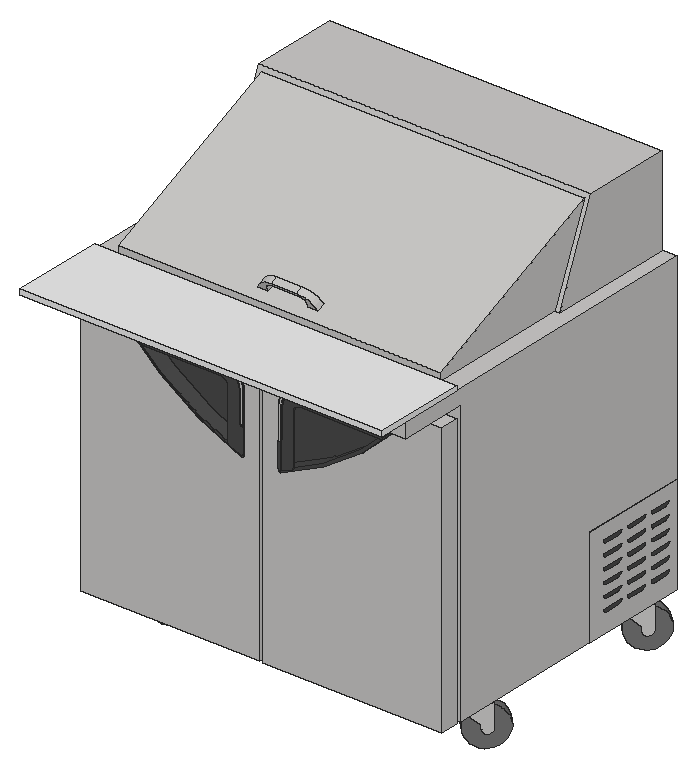
Revit family "QF_Turbo Air_TST-36SD-1555055d3c-3adc-4c16-8ae9-8b1b5295220c", category Specialty Equipment, Revit 2012
Parameters
  Weight in Pounds = 242
  Watermarked By = "http://revitwatermark.com"
  Volts = 115 V
  URL Cutsheet = ""
  URL = "www.turboairinc.com"
  Status [instance] = ""
  Specification by User [instance] = ""
  Specification by Manufacturer [instance] = ""
  Serial Number [instance] = ""
  Revision Code [instance] = ""
  Phase = 1
  Number of Poles [instance] = 1
  NAFEM Spec ID Number [instance] = ""
  Model = "TST-36SD-15"
  Masterspec [instance] = ""
  Manufacturer = "Turbo Air"  # constant formula
  Legs [instance] = [6 inch Legs]  # no
  Item Number [instance] = "-"
  Installed By [instance] = ""
  HP = "1/3"
  Furnished By [instance] = ""
  Foodservice Equipment Identifier = yes
  FL Amps = 6.6 A
  Electrical Remarks [instance] = ""
  Electric Connection Type [instance] = ""
  Elec Conn RI Height [instance] = 0' - 0"
  Elec Conn Connection Height = 1' - 0"
  Description = "Mega Top Unit"
  Cycle = 60 Hz
  Conn Plug = "NEMA 5-15P"
  Casters [instance] = not(Legs)  # yes
  CasterLeg Height [instance] = if([4 inch Casters], 0' 5", if([5 inch Casters], 0' 5 3/4", if([2_5 inch Casters], 0' 3 3/8", 0' 6")))  # 0' - 5"
  CSI MasterFormat = "11 41 13"
  Assembly Code = "E1090320"
  Apparent Power = if(Phase = 3, Volts * FL Amps * 1.73, Volts * FL Amps)  # 759 VA
  6 inch Legs [instance] = no
  5 inch Casters [instance] = no
  4 inch Casters [instance] = yes
  2_5 inch Casters [instance] = no
Reference planes (in)
  plane 1 "BACK": y = 0
  plane 2: z = 0
  plane 3 "LEFT": x = -20.78844
  plane 4 "Bottom": z = 5
  plane 5 "Back Stops": y = 1
  plane 6 "RIGHT": x = 15.58656
  plane 7 "Door Clearance": y = -45.75
  plane 8 "Counter Top": z = 35
  plane 9 "TOP": z = 44
  plane 10 "Top of Door": z = 32.5
  plane 11 "Handle LR": x = -2.60094
  plane 12 "Lid Clearance": z = 50.875
  plane 13 "Front of Ledge": y = -34
  plane 14 "FRONT": y = -37
  plane 15 "Front of Door": y = -29.5
  plane 16 "Front of Box": y = -27.125
  plane 17 "Left of Lid Cover": x = -19.28844
  plane 18 "Left of Lid": x = -18.78844
  plane 19 "Right of Lid Cover": x = 14.08656
  plane 20 "Right of Lid": x = 13.58656
  plane 21: x = -2.41344
  plane 22: x = -2.78844
Forms (in)
  Extrusion 1, solid, material "QF_Finishes_Stainless Steel"
    sketch origin (-20.78844, 0, 0) x (0, 1, 0) y (0, 0, 1)
      loop
        line (0, 5) -> (0, 35) -> (-34, 35) -> (-34, 33.5) -> (-27.125, 33.5) -> (-27.125, 5) -> (0, 5)
    from 0 to 36.375
  Extrusion 2, solid, material "QF_Finishes_Black"
    sketch origin (0, -27.125, 0) x (1, 0, 0) y (0, 0, 1)
      loop
        line (-1.41344, 31.5) -> (-1.41344, 6) -> (14.58656, 6) -> (14.58656, 31.5) -> (-1.41344, 31.5)
      loop
        line (-19.78844, 31.5) -> (-19.78844, 6) -> (-3.78844, 6) -> (-3.78844, 31.5) -> (-19.78844, 31.5)
    from 0 to 0.5
  Extrusion 3, solid, material "QF_Finishes_Stainless Steel"
    sketch origin (-19.28844, 0, 0) x (0, 1, 0) y (0, 0, 1)
      loop
        line (0, 35) -> (0, 44) -> (-8.875, 44) -> (-12.8125, 35) -> (0, 35)
    from 0 to 33.375
  Extrusion 4, solid, material "QF_Finishes_Stainless Steel"
    sketch origin (-18.78844, 0, 0) x (0, 1, 0) y (0, 0, 1)
      loop
        line (-12.8125, 35) -> (-9.07541, 43.54192) -> (-27.125, 35.75) -> (-27.125, 35) -> (-12.8125, 35)
    from 0 to 32.375
  Extrusion 5, solid, material "QF_Finishes_Stainless Steel"
    sketch origin (-8.25, -9.80904, -0.49896) x (1, 0, 0) y (0, -0.396341, 0.918103)
      loop
        line (7.64906, 40.14331) -> (8.64906, 40.14331)
        arc (8.64906, 40.14331) -> (7.97435, 41.04872) -> (6.89906, 41.39331) r 1.85
        line (6.89906, 41.39331) -> (4.39906, 41.39331)
        arc (4.39906, 41.39331) -> (3.32377, 41.04872) -> (2.64906, 40.14331) r 1.85
        line (2.64906, 40.14331) -> (3.64906, 40.14331) -> (3.64906, 40.64331)
        arc (3.64906, 40.64331) -> (3.79551, 40.99687) -> (4.14906, 41.14331) r 0.5
        line (4.14906, 41.14331) -> (7.14906, 41.14331)
        arc (7.14906, 41.14331) -> (7.50261, 40.99687) -> (7.64906, 40.64331) r 0.5
        line (7.64906, 40.64331) -> (7.64906, 40.14331)
    from -0.375 to 0.375
  Extrusion 6, void
    sketch origin (15.58656, 0, 0) x (0, 1, 0) y (0, 0, 1)
      loop
        line (0, 5) -> (0, 15) -> (-11, 15) -> (-11, 5) -> (0, 5)
    from 0 to -1
  Extrusion 7, solid, material "QF_Finishes_Stainless Steel"
    sketch origin (15.58656, 0, 0) x (0, 1, 0) y (0, 0, 1)
      loop
        line (-10.875, 14.875) -> (-10.875, 5) -> (0, 5) -> (0, 14.875) -> (-10.875, 14.875)
      loop
        arc (-9.25, 13.5) -> (-9.10355, 13.14645) -> (-8.75, 13) r 0.5
        line (-8.75, 13) -> (-7.25, 13)
        arc (-7.25, 13) -> (-6.89645, 13.14645) -> (-6.75, 13.5) r 0.5
        line (-6.75, 13.5) -> (-9.25, 13.5)
      loop
        arc (-6.25, 13.5) -> (-6.10355, 13.14645) -> (-5.75, 13) r 0.5
        line (-5.75, 13) -> (-4.25, 13)
        arc (-4.25, 13) -> (-3.89645, 13.14645) -> (-3.75, 13.5) r 0.5
        line (-3.75, 13.5) -> (-6.25, 13.5)
      loop
        arc (-3.25, 13.5) -> (-3.10355, 13.14645) -> (-2.75, 13) r 0.5
        line (-2.75, 13) -> (-1.25, 13)
        arc (-1.25, 13) -> (-0.89645, 13.14645) -> (-0.75, 13.5) r 0.5
        line (-0.75, 13.5) -> (-3.25, 13.5)
      loop
        arc (-9.25, 12.25) -> (-9.10355, 11.89645) -> (-8.75, 11.75) r 0.5
        line (-8.75, 11.75) -> (-7.25, 11.75)
        arc (-7.25, 11.75) -> (-6.89645, 11.89645) -> (-6.75, 12.25) r 0.5
        line (-6.75, 12.25) -> (-9.25, 12.25)
      loop
        arc (-6.25, 12.25) -> (-6.10355, 11.89645) -> (-5.75, 11.75) r 0.5
        line (-5.75, 11.75) -> (-4.25, 11.75)
        arc (-4.25, 11.75) -> (-3.89645, 11.89645) -> (-3.75, 12.25) r 0.5
        line (-3.75, 12.25) -> (-6.25, 12.25)
      loop
        arc (-3.25, 12.25) -> (-3.10355, 11.89645) -> (-2.75, 11.75) r 0.5
        line (-2.75, 11.75) -> (-1.25, 11.75)
        arc (-1.25, 11.75) -> (-0.89645, 11.89645) -> (-0.75, 12.25) r 0.5
        line (-0.75, 12.25) -> (-3.25, 12.25)
      loop
        arc (-9.25, 11) -> (-9.10355, 10.64645) -> (-8.75, 10.5) r 0.5
        line (-8.75, 10.5) -> (-7.25, 10.5)
        arc (-7.25, 10.5) -> (-6.89645, 10.64645) -> (-6.75, 11) r 0.5
        line (-6.75, 11) -> (-9.25, 11)
      loop
        arc (-6.25, 11) -> (-6.10355, 10.64645) -> (-5.75, 10.5) r 0.5
        line (-5.75, 10.5) -> (-4.25, 10.5)
        arc (-4.25, 10.5) -> (-3.89645, 10.64645) -> (-3.75, 11) r 0.5
        line (-3.75, 11) -> (-6.25, 11)
      loop
        arc (-3.25, 11) -> (-3.10355, 10.64645) -> (-2.75, 10.5) r 0.5
        line (-2.75, 10.5) -> (-1.25, 10.5)
        arc (-1.25, 10.5) -> (-0.89645, 10.64645) -> (-0.75, 11) r 0.5
        line (-0.75, 11) -> (-3.25, 11)
      loop
        arc (-9.25, 9.75) -> (-9.10355, 9.39645) -> (-8.75, 9.25) r 0.5
        line (-8.75, 9.25) -> (-7.25, 9.25)
        arc (-7.25, 9.25) -> (-6.89645, 9.39645) -> (-6.75, 9.75) r 0.5
        line (-6.75, 9.75) -> (-9.25, 9.75)
      loop
        arc (-6.25, 9.75) -> (-6.10355, 9.39645) -> (-5.75, 9.25) r 0.5
        line (-5.75, 9.25) -> (-4.25, 9.25)
        arc (-4.25, 9.25) -> (-3.89645, 9.39645) -> (-3.75, 9.75) r 0.5
        line (-3.75, 9.75) -> (-6.25, 9.75)
      loop
        arc (-3.25, 9.75) -> (-3.10355, 9.39645) -> (-2.75, 9.25) r 0.5
        line (-2.75, 9.25) -> (-1.25, 9.25)
        arc (-1.25, 9.25) -> (-0.89645, 9.39645) -> (-0.75, 9.75) r 0.5
        line (-0.75, 9.75) -> (-3.25, 9.75)
      loop
        arc (-9.25, 8.5) -> (-9.10355, 8.14645) -> (-8.75, 8) r 0.5
        line (-8.75, 8) -> (-7.25, 8)
        arc (-7.25, 8) -> (-6.89645, 8.14645) -> (-6.75, 8.5) r 0.5
        line (-6.75, 8.5) -> (-9.25, 8.5)
      loop
        arc (-6.25, 8.5) -> (-6.10355, 8.14645) -> (-5.75, 8) r 0.5
        line (-5.75, 8) -> (-4.25, 8)
        arc (-4.25, 8) -> (-3.89645, 8.14645) -> (-3.75, 8.5) r 0.5
        line (-3.75, 8.5) -> (-6.25, 8.5)
      loop
        arc (-3.25, 8.5) -> (-3.10355, 8.14645) -> (-2.75, 8) r 0.5
        line (-2.75, 8) -> (-1.25, 8)
        arc (-1.25, 8) -> (-0.89645, 8.14645) -> (-0.75, 8.5) r 0.5
        line (-0.75, 8.5) -> (-3.25, 8.5)
      loop
        arc (-9.25, 7.25) -> (-9.10355, 6.89645) -> (-8.75, 6.75) r 0.5
        line (-8.75, 6.75) -> (-7.25, 6.75)
        arc (-7.25, 6.75) -> (-6.89645, 6.89645) -> (-6.75, 7.25) r 0.5
        line (-6.75, 7.25) -> (-9.25, 7.25)
      loop
        arc (-6.25, 7.25) -> (-6.10355, 6.89645) -> (-5.75, 6.75) r 0.5
        line (-5.75, 6.75) -> (-4.25, 6.75)
        arc (-4.25, 6.75) -> (-3.89645, 6.89645) -> (-3.75, 7.25) r 0.5
        line (-3.75, 7.25) -> (-6.25, 7.25)
      loop
        arc (-3.25, 7.25) -> (-3.10355, 6.89645) -> (-2.75, 6.75) r 0.5
        line (-2.75, 6.75) -> (-1.25, 6.75)
        arc (-1.25, 6.75) -> (-0.89645, 6.89645) -> (-0.75, 7.25) r 0.5
        line (-0.75, 7.25) -> (-3.25, 7.25)
    from 0 to -1
  Extrusion 8, solid, material "QF_Finishes_Black"
    sketch origin (15.58656, 0, 0) x (0, 1, 0) y (0, 0, 1)
      loop
        line (-9.875, 13.95221) -> (-9.875, 6.20221) -> (-0.375, 6.20221) -> (-0.375, 13.95221) -> (-9.875, 13.95221)
    from -0.125 to -1
  Extrusion 9, solid, material "QF_Finishes_Black"
    sketch origin (0, 0, 0) x (1, 0, 0) y (0, 0, 1)
      loop
        circle (-14.66344, 30.1875) r 0.5
      loop
        circle (9.46156, 30.1875) r 0.5
    from 0 to -1
  Extrusion 10, solid, material "QF_Finishes_Stainless Steel"
    sketch origin (0, 0, 0) x (1, 0, 0) y (0, 0, 1)
      loop
        circle (11.58656, 11.125) r 0.25
    from 0 to -0.0625
  Extrusion 11, solid, material "QF_Finishes_White"
    sketch origin (-20.78844, 0, 0) x (0, 1, 0) y (0, 0, 1)
      loop
        line (-37, 35) -> (-27.625, 35) -> (-27.625, 35.5) -> (-37, 35.5) -> (-37, 35)
    from 0 to 36.375
  Extrusion 12, solid, material "QF_Finishes_Clearances", detail levels coarse
    sketch origin (-18.78844, 0, 0) x (0, 1, 0) y (0, 0, 1)
      loop
        arc (-16.49707, 50.65572) -> (-24.34172, 45.00726) -> (-27.125, 35.75) r 15.03231
        line (-27.125, 35.75) -> (-9.42266, 43.39202) -> (-15.77984, 50.875) -> (-16.49707, 50.65572)
    from 0 to 32.375
Cuts and joins
  Extrusion 6 cuts Extrusion 1
Lines and regions (in)
  symbolic lines
    curve 1: line (-20.78844, 0, 35) -> (15.58656, 0, 35)
    curve 2: line (-20.78844, -37, 35) -> (-20.78844, 0, 35)
    curve 3: line (15.58656, -37, 35) -> (-20.78844, -37, 35)
    curve 4: line (15.58656, 0, 35) -> (15.58656, -37, 35)
    curve 5: line (8.96156, 1, 35) -> (9.96156, 1, 35)
    curve 6: line (-15.16344, 1, 35) -> (-14.16344, 1, 35)
    curve 7: line (-15.16344, 1, 35) -> (-15.16344, 0, 35)
    curve 8: line (-14.16344, 1, 35) -> (-14.16344, 0, 35)
    curve 9: line (8.96156, 1, 35) -> (8.96156, 0, 35)
    curve 10: line (9.96156, 1, 35) -> (9.96156, 0, 35)
    curve 11: line (-4.60094, -25.37519, 35) -> (-5.60094, -25.37519, 35)
    curve 12: line (-5.60094, -25.37519, 35) -> (-5.60094, -26.07034, 35)
    curve 13: line (-4.60094, -25.58383, 35) -> (-4.60094, -25.37519, 35)
    curve 14: line (-0.87109, -26.55919, 35) -> (-3.84183, -26.55919, 35)
    curve 15: line (-1.18844, -25.77153, 35) -> (-4.09638, -25.77153, 35)
    curve 16: line (-0.60094, -25.37519, 35) -> (-0.60094, -25.56289, 35)
    curve 17: line (0.39906, -25.37519, 35) -> (-0.60094, -25.37519, 35)
    curve 18: line (0.39906, -26.07034, 35) -> (0.39906, -25.37519, 35)
    curve 19: spline (0.39906, -26.07034, 35) -> (0.34214, -26.14047, 35) -> (0.27337, -26.20706, 35) -> (0.19343, -26.26945, 35) -> (0.10308, -26.32703, 35) -> (0.00323, -26.37924, 35) -> (-0.10517, -26.42556, 35) -> (-0.22104, -26.46556, 35) -> (-0.34327, -26.49882, 35) -> (-0.47065, -26.52504, 35) -> (-0.60194, -26.54395, 35) -> (-0.73585, -26.55537, 35) -> (-0.87109, -26.55919, 35)
    curve 20: spline (-4.09638, -25.77153, 35) -> (-4.16224, -25.76992, 35) -> (-4.22697, -25.76513, 35) -> (-4.28947, -25.75724, 35) -> (-4.34866, -25.74638, 35) -> (-4.40354, -25.73274, 35) -> (-4.45316, -25.71655, 35) -> (-4.49668, -25.69809, 35) -> (-4.53334, -25.67768, 35) -> (-4.56253, -25.65566, 35) -> (-4.58375, -25.63241, 35) -> (-4.59662, -25.60833, 35) -> (-4.60094, -25.58383, 35)
    curve 21: spline (-0.60094, -25.56289, 35) -> (-0.60597, -25.59012, 35) -> (-0.62096, -25.61689, 35) -> (-0.64566, -25.64273, 35) -> (-0.67965, -25.66721, 35) -> (-0.72235, -25.6899, 35) -> (-0.77302, -25.71042, 35) -> (-0.83079, -25.72841, 35) -> (-0.89469, -25.74358, 35) -> (-0.96362, -25.75565, 35) -> (-1.03639, -25.76442, 35) -> (-1.11176, -25.76974, 35) -> (-1.18844, -25.77153, 35)
    curve 22: spline (-3.84183, -26.55919, 35) -> (-4.03654, -26.5553, 35) -> (-4.22906, -26.54368, 35) -> (-4.41725, -26.52446, 35) -> (-4.59897, -26.49785, 35) -> (-4.7722, -26.46415, 35) -> (-4.935, -26.42374, 35) -> (-5.08553, -26.37708, 35) -> (-5.22211, -26.32468, 35) -> (-5.3432, -26.26714, 35) -> (-5.44745, -26.20509, 35) -> (-5.53368, -26.13925, 35) -> (-5.60094, -26.07034, 35)
    curve 49: line (-20.78844, -27.625, 35) -> (15.58656, -27.625, 35)
    curve 50: line (-20.78844, -27.125, 35) -> (15.58656, -27.125, 35)
    curve 147: line (-19.28844, 0, 35) -> (-19.28844, -12.8125, 35)
    curve 148: line (-19.28844, -12.8125, 35) -> (-18.78844, -12.8125, 35)
    curve 149: line (14.08656, 0, 35) -> (14.08656, -12.8125, 35)
    curve 150: line (14.08656, -12.8125, 35) -> (13.58656, -12.8125, 35)
    curve 151: line (14.08656, -8.875, 35) -> (-19.28844, -8.875, 35)
    curve 152: line (-18.78844, -8.875, 35) -> (-18.78844, -27.125, 35)
    curve 153: line (13.58656, -27.125, 35) -> (13.58656, -8.875, 35)
  symbolic lines, style "QF_Clearances", detail levels coarse
    curve 23: line (15.58656, -37, 35) -> (15.58656, -45.75, 35)
    curve 24: arc (15.58656, -45.75, 35) -> (6.74331, -43.40924, 35) -> (0.21613, -37, 35) r 17.875
    curve 154: line (-20.78844, -37, 35) -> (-20.78844, -45.75, 35)
    curve 155: arc (-20.78844, -45.75, 35) -> (-11.94519, -43.40924, 35) -> (-5.41801, -37, 35) r 17.875
  symbolic lines, style "QF_Surface Details"
    curve 25: line (0.44986, -17.58908, 35) -> (0.44986, -13.59725, 35)
    curve 26: line (-5.55014, -17.58908, 35) -> (-5.55014, -13.59725, 35)
    curve 27: line (-4.55014, -12.59725, 35) -> (-0.55014, -12.59725, 35)
    curve 28: line (-4.55014, -18.58908, 35) -> (-0.55014, -18.58908, 35)
    curve 29: arc (-0.55014, -12.59725, 35) -> (0.15697, -12.89014, 35) -> (0.44986, -13.59725, 35) r 1
    curve 30: arc (-4.55014, -12.59725, 35) -> (-5.25724, -12.89014, 35) -> (-5.55014, -13.59725, 35) r 1
    curve 31: arc (-5.55014, -17.58908, 35) -> (-5.25724, -18.29619, 35) -> (-4.55014, -18.58908, 35) r 1
    curve 32: arc (-0.55014, -18.58908, 35) -> (0.15697, -18.29619, 35) -> (0.44986, -17.58908, 35) r 1
    curve 33: line (0.44986, -20.58908, 35) -> (0.44986, -24.51282, 35)
    curve 34: line (-5.55014, -20.48748, 35) -> (-5.55014, -24.58092, 35)
    curve 35: line (-4.55014, -25.58092, 35) -> (-0.61824, -25.58092, 35)
    curve 36: line (-4.65174, -19.58908, 35) -> (-0.55014, -19.58908, 35)
    curve 37: arc (-0.61824, -25.58092, 35) -> (0.13702, -25.26808, 35) -> (0.44986, -24.51282, 35) r 1.0681
    curve 38: arc (-4.55014, -25.58092, 35) -> (-5.25724, -25.28803, 35) -> (-5.55014, -24.58092, 35) r 1
    curve 39: arc (-5.55014, -20.48748, 35) -> (-5.287, -19.85222, 35) -> (-4.65174, -19.58908, 35) r 0.89839
    curve 40: arc (-0.55014, -19.58908, 35) -> (0.15697, -19.88198, 35) -> (0.44986, -20.58908, 35) r 1
    curve 41: line (0.44986, -10.59725, 35) -> (0.44986, -6.60541, 35)
    curve 42: line (-5.55014, -10.59725, 35) -> (-5.55014, -6.60541, 35)
    curve 43: line (-4.55014, -5.60541, 35) -> (-0.55014, -5.60541, 35)
    curve 44: line (-4.55014, -11.59725, 35) -> (-0.55014, -11.59725, 35)
    curve 45: arc (-0.55014, -5.60541, 35) -> (0.15697, -5.8983, 35) -> (0.44986, -6.60541, 35) r 1
    curve 46: arc (-4.55014, -5.60541, 35) -> (-5.25724, -5.8983, 35) -> (-5.55014, -6.60541, 35) r 1
    curve 47: arc (-5.55014, -10.59725, 35) -> (-5.25724, -11.30435, 35) -> (-4.55014, -11.59725, 35) r 1
    curve 48: arc (-0.55014, -11.59725, 35) -> (0.15697, -11.30435, 35) -> (0.44986, -10.59725, 35) r 1
    curve 51: line (6.69986, -17.58908, 35) -> (6.69986, -13.59725, 35)
    curve 52: line (0.69986, -17.58908, 35) -> (0.69986, -13.59725, 35)
    curve 53: line (1.69986, -12.59725, 35) -> (5.69986, -12.59725, 35)
    curve 54: line (1.69986, -18.58908, 35) -> (5.69986, -18.58908, 35)
    curve 55: arc (5.69986, -12.59725, 35) -> (6.40697, -12.89014, 35) -> (6.69986, -13.59725, 35) r 1
    curve 56: arc (1.69986, -12.59725, 35) -> (0.99276, -12.89014, 35) -> (0.69986, -13.59725, 35) r 1
    curve 57: arc (0.69986, -17.58908, 35) -> (0.99276, -18.29619, 35) -> (1.69986, -18.58908, 35) r 1
    curve 58: arc (5.69986, -18.58908, 35) -> (6.40697, -18.29619, 35) -> (6.69986, -17.58908, 35) r 1
    curve 59: line (6.69986, -20.58908, 35) -> (6.69986, -24.51282, 35)
    curve 60: line (0.69986, -20.48748, 35) -> (0.69986, -24.58092, 35)
    curve 61: line (1.69986, -25.58092, 35) -> (5.63176, -25.58092, 35)
    curve 62: line (1.59826, -19.58908, 35) -> (5.69986, -19.58908, 35)
    curve 63: arc (5.63176, -25.58092, 35) -> (6.38702, -25.26808, 35) -> (6.69986, -24.51282, 35) r 1.0681
    curve 64: arc (1.69986, -25.58092, 35) -> (0.99276, -25.28803, 35) -> (0.69986, -24.58092, 35) r 1
    curve 65: arc (0.69986, -20.48748, 35) -> (0.963, -19.85222, 35) -> (1.59826, -19.58908, 35) r 0.89839
    curve 66: arc (5.69986, -19.58908, 35) -> (6.40697, -19.88198, 35) -> (6.69986, -20.58908, 35) r 1
    curve 67: line (6.69986, -10.59725, 35) -> (6.69986, -6.60541, 35)
    curve 68: line (0.69986, -10.59725, 35) -> (0.69986, -6.60541, 35)
    curve 69: line (1.69986, -5.60541, 35) -> (5.69986, -5.60541, 35)
    curve 70: line (1.69986, -11.59725, 35) -> (5.69986, -11.59725, 35)
    curve 71: arc (5.69986, -5.60541, 35) -> (6.40697, -5.8983, 35) -> (6.69986, -6.60541, 35) r 1
    curve 72: arc (1.69986, -5.60541, 35) -> (0.99276, -5.8983, 35) -> (0.69986, -6.60541, 35) r 1
    curve 73: arc (0.69986, -10.59725, 35) -> (0.99276, -11.30435, 35) -> (1.69986, -11.59725, 35) r 1
    curve 74: arc (5.69986, -11.59725, 35) -> (6.40697, -11.30435, 35) -> (6.69986, -10.59725, 35) r 1
    curve 75: line (12.94986, -17.58908, 35) -> (12.94986, -13.59725, 35)
    curve 76: line (6.94986, -17.58908, 35) -> (6.94986, -13.59725, 35)
    curve 77: line (7.94986, -12.59725, 35) -> (11.94986, -12.59725, 35)
    curve 78: line (7.94986, -18.58908, 35) -> (11.94986, -18.58908, 35)
    curve 79: arc (11.94986, -12.59725, 35) -> (12.65697, -12.89014, 35) -> (12.94986, -13.59725, 35) r 1
    curve 80: arc (7.94986, -12.59725, 35) -> (7.24276, -12.89014, 35) -> (6.94986, -13.59725, 35) r 1
    curve 81: arc (6.94986, -17.58908, 35) -> (7.24276, -18.29619, 35) -> (7.94986, -18.58908, 35) r 1
    curve 82: arc (11.94986, -18.58908, 35) -> (12.65697, -18.29619, 35) -> (12.94986, -17.58908, 35) r 1
    curve 83: line (12.94986, -20.58908, 35) -> (12.94986, -24.51282, 35)
    curve 84: line (6.94986, -20.48748, 35) -> (6.94986, -24.58092, 35)
    curve 85: line (7.94986, -25.58092, 35) -> (11.88176, -25.58092, 35)
    curve 86: line (7.84826, -19.58908, 35) -> (11.94986, -19.58908, 35)
    curve 87: arc (11.88176, -25.58092, 35) -> (12.63702, -25.26808, 35) -> (12.94986, -24.51282, 35) r 1.0681
    curve 88: arc (7.94986, -25.58092, 35) -> (7.24276, -25.28803, 35) -> (6.94986, -24.58092, 35) r 1
    curve 89: arc (6.94986, -20.48748, 35) -> (7.213, -19.85222, 35) -> (7.84826, -19.58908, 35) r 0.89839
    curve 90: arc (11.94986, -19.58908, 35) -> (12.65697, -19.88198, 35) -> (12.94986, -20.58908, 35) r 1
    curve 91: line (12.94986, -10.59725, 35) -> (12.94986, -6.60541, 35)
    curve 92: line (6.94986, -10.59725, 35) -> (6.94986, -6.60541, 35)
    curve 93: line (7.94986, -5.60541, 35) -> (11.94986, -5.60541, 35)
    curve 94: line (7.94986, -11.59725, 35) -> (11.94986, -11.59725, 35)
    curve 95: arc (11.94986, -5.60541, 35) -> (12.65697, -5.8983, 35) -> (12.94986, -6.60541, 35) r 1
    curve 96: arc (7.94986, -5.60541, 35) -> (7.24276, -5.8983, 35) -> (6.94986, -6.60541, 35) r 1
    curve 97: arc (6.94986, -10.59725, 35) -> (7.24276, -11.30435, 35) -> (7.94986, -11.59725, 35) r 1
    curve 98: arc (11.94986, -11.59725, 35) -> (12.65697, -11.30435, 35) -> (12.94986, -10.59725, 35) r 1
    curve 99: line (-11.90174, -17.58908, 35) -> (-11.90174, -13.59725, 35)
    curve 100: line (-5.90174, -17.58908, 35) -> (-5.90174, -13.59725, 35)
    curve 101: line (-6.90174, -12.59725, 35) -> (-10.90174, -12.59725, 35)
    curve 102: line (-6.90174, -18.58908, 35) -> (-10.90174, -18.58908, 35)
    curve 103: arc (-10.90174, -12.59725, 35) -> (-11.60885, -12.89014, 35) -> (-11.90174, -13.59725, 35) r 1
    curve 104: arc (-6.90174, -12.59725, 35) -> (-6.19464, -12.89014, 35) -> (-5.90174, -13.59725, 35) r 1
    curve 105: arc (-5.90174, -17.58908, 35) -> (-6.19464, -18.29619, 35) -> (-6.90174, -18.58908, 35) r 1
    curve 106: arc (-10.90174, -18.58908, 35) -> (-11.60885, -18.29619, 35) -> (-11.90174, -17.58908, 35) r 1
    curve 107: line (-11.90174, -20.58908, 35) -> (-11.90174, -24.51282, 35)
    curve 108: line (-5.90174, -20.48748, 35) -> (-5.90174, -24.58092, 35)
    curve 109: line (-6.90174, -25.58092, 35) -> (-10.83364, -25.58092, 35)
    curve 110: line (-6.80014, -19.58908, 35) -> (-10.90174, -19.58908, 35)
    curve 111: arc (-10.83364, -25.58092, 35) -> (-11.5889, -25.26808, 35) -> (-11.90174, -24.51282, 35) r 1.0681
    curve 112: arc (-6.90174, -25.58092, 35) -> (-6.19464, -25.28803, 35) -> (-5.90174, -24.58092, 35) r 1
    curve 113: arc (-5.90174, -20.48748, 35) -> (-6.16488, -19.85222, 35) -> (-6.80014, -19.58908, 35) r 0.89839
    curve 114: arc (-10.90174, -19.58908, 35) -> (-11.60885, -19.88198, 35) -> (-11.90174, -20.58908, 35) r 1
    curve 115: line (-11.90174, -10.59725, 35) -> (-11.90174, -6.60541, 35)
    curve 116: line (-5.90174, -10.59725, 35) -> (-5.90174, -6.60541, 35)
    curve 117: line (-6.90174, -5.60541, 35) -> (-10.90174, -5.60541, 35)
    curve 118: line (-6.90174, -11.59725, 35) -> (-10.90174, -11.59725, 35)
    curve 119: arc (-10.90174, -5.60541, 35) -> (-11.60885, -5.8983, 35) -> (-11.90174, -6.60541, 35) r 1
    curve 120: arc (-6.90174, -5.60541, 35) -> (-6.19464, -5.8983, 35) -> (-5.90174, -6.60541, 35) r 1
    curve 121: arc (-5.90174, -10.59725, 35) -> (-6.19464, -11.30435, 35) -> (-6.90174, -11.59725, 35) r 1
    curve 122: arc (-10.90174, -11.59725, 35) -> (-11.60885, -11.30435, 35) -> (-11.90174, -10.59725, 35) r 1
    curve 123: line (-18.15174, -17.58908, 35) -> (-18.15174, -13.59725, 35)
    curve 124: line (-12.15174, -17.58908, 35) -> (-12.15174, -13.59725, 35)
    curve 125: line (-13.15174, -12.59725, 35) -> (-17.15174, -12.59725, 35)
    curve 126: line (-13.15174, -18.58908, 35) -> (-17.15174, -18.58908, 35)
    curve 127: arc (-17.15174, -12.59725, 35) -> (-17.85885, -12.89014, 35) -> (-18.15174, -13.59725, 35) r 1
    curve 128: arc (-13.15174, -12.59725, 35) -> (-12.44464, -12.89014, 35) -> (-12.15174, -13.59725, 35) r 1
    curve 129: arc (-12.15174, -17.58908, 35) -> (-12.44464, -18.29619, 35) -> (-13.15174, -18.58908, 35) r 1
    curve 130: arc (-17.15174, -18.58908, 35) -> (-17.85885, -18.29619, 35) -> (-18.15174, -17.58908, 35) r 1
    curve 131: line (-18.15174, -20.58908, 35) -> (-18.15174, -24.51282, 35)
    curve 132: line (-12.15174, -20.48748, 35) -> (-12.15174, -24.58092, 35)
    curve 133: line (-13.15174, -25.58092, 35) -> (-17.08364, -25.58092, 35)
    curve 134: line (-13.05014, -19.58908, 35) -> (-17.15174, -19.58908, 35)
    curve 135: arc (-17.08364, -25.58092, 35) -> (-17.8389, -25.26808, 35) -> (-18.15174, -24.51282, 35) r 1.0681
    curve 136: arc (-13.15174, -25.58092, 35) -> (-12.44464, -25.28803, 35) -> (-12.15174, -24.58092, 35) r 1
    curve 137: arc (-12.15174, -20.48748, 35) -> (-12.41488, -19.85222, 35) -> (-13.05014, -19.58908, 35) r 0.89839
    curve 138: arc (-17.15174, -19.58908, 35) -> (-17.85885, -19.88198, 35) -> (-18.15174, -20.58908, 35) r 1
    curve 139: line (-18.15174, -10.59725, 35) -> (-18.15174, -6.60541, 35)
    curve 140: line (-12.15174, -10.59725, 35) -> (-12.15174, -6.60541, 35)
    curve 141: line (-13.15174, -5.60541, 35) -> (-17.15174, -5.60541, 35)
    curve 142: line (-13.15174, -11.59725, 35) -> (-17.15174, -11.59725, 35)
    curve 143: arc (-17.15174, -5.60541, 35) -> (-17.85885, -5.8983, 35) -> (-18.15174, -6.60541, 35) r 1
    curve 144: arc (-13.15174, -5.60541, 35) -> (-12.44464, -5.8983, 35) -> (-12.15174, -6.60541, 35) r 1
    curve 145: arc (-12.15174, -10.59725, 35) -> (-12.44464, -11.30435, 35) -> (-13.15174, -11.59725, 35) r 1
    curve 146: arc (-17.15174, -11.59725, 35) -> (-17.85885, -11.30435, 35) -> (-18.15174, -10.59725, 35) r 1
Dimensions and locks (in)
  "CasterLeg Height": plane 4 "Bottom" to plane 2
  locked: plane 1 "BACK" to plane 5 "Back Stops" at 1
  locked: plane 6 "RIGHT" to plane 3 "LEFT" at 36.375
  plane 7 "Door Clearance" to plane 1 "BACK" = 3' - 9 3/4"
  locked: plane 9 "TOP" to plane 8 "Counter Top" at 9
  locked: plane 8 "Counter Top" to plane 4 "Bottom" at 30
  locked: plane 10 "Top of Door" to plane 4 "Bottom" at 27.5
  locked: plane 10 "Top of Door" to Extrusion 2 sketch curve at 1  (x2)
  locked: Extrusion 2 sketch curve to plane 4 "Bottom" at 1  (x2)
  locked: Extrusion 2 sketch curve to plane 6 "RIGHT" at 1
  locked: plane 12 "Lid Clearance" to plane 8 "Counter Top" at 15.875
  locked: Extrusion 6 sketch curve to plane 1 "BACK" at 11
  locked: Extrusion 6 sketch curve to plane 4 "Bottom" at 10
  locked: plane 4 "Bottom" to Extrusion 7 sketch curve at 9.875
  locked: Extrusion 7 sketch curve to plane 1 "BACK" at 10.875
  locked: Extrusion 8 sketch curve to Extrusion 8 sketch curve at 7.75
  locked: Extrusion 8 sketch curve to plane 4 "Bottom" at 1.20221
  locked: Extrusion 8 sketch curve to Extrusion 8 sketch curve at 9.5
  locked: Extrusion 8 sketch curve to plane 1 "BACK" at 0.375
  locked: nested 2 to plane 1 "BACK" at 2.5625
  locked: plane 3 "LEFT" to nested 2 at 2.5
  locked: plane 3 "LEFT" to nested 3 at 2.5
  locked: nested 4 to plane 6 "RIGHT" at 2.5
  locked: nested 5 to plane 6 "RIGHT" at 2.5
  locked: nested 4 to plane 1 "BACK" at 2.5625
  locked: plane 8 "Counter Top" to Extrusion 9 sketch curve at 4.8125  (x2)
  locked: plane 6 "RIGHT" to Extrusion 9 sketch curve at 6.125
  locked: Extrusion 9 sketch curve to plane 3 "LEFT" at 6.125
  locked: Extrusion 10 sketch curve to plane 4 "Bottom" at 6.125
  locked: plane 6 "RIGHT" to Extrusion 10 sketch curve at 4
  locked: plane 13 "Front of Ledge" to plane 1 "BACK" at 34
  locked: plane 14 "FRONT" to plane 13 "Front of Ledge" at 3
  locked: plane 13 "Front of Ledge" to plane 15 "Front of Door" at 4.5
  locked: plane 15 "Front of Door" to plane 16 "Front of Box" at 2.375
  locked: Extrusion 1 sketch curve to plane 8 "Counter Top" at 1.5
  locked: Extrusion 11 sketch curve to plane 14 "FRONT" at 9.375
  locked: Extrusion 11 sketch curve to plane 8 "Counter Top" at 0.5
  locked: plane 1 "BACK" to Extrusion 3 sketch curve at 12.8125
  locked: plane 1 "BACK" to Extrusion 3 sketch curve at 8.875
  locked: plane 1 "BACK" to Extrusion 4 sketch curve at 12.8125
  locked: plane 9 "TOP" to Extrusion 4 sketch curve at 0.45808
  locked: Extrusion 4 sketch curve to plane 8 "Counter Top" at 0.75
  locked: plane 1 "BACK" to Extrusion 4 sketch curve at 9.07541
  locked: plane 12 "Lid Clearance" to Extrusion 12 sketch curve at 0.21928
  locked: plane 9 "TOP" to Extrusion 12 sketch curve at 0.60798
  locked: Extrusion 12 sketch curve to plane 8 "Counter Top" at 0.75
  locked: Extrusion 5 to plane 8 "Counter Top" at 2.65301
  locked: Extrusion 5 to plane 8 "Counter Top" at 2.35576
  locked: plane 3 "LEFT" to plane 17 "Left of Lid Cover" at 1.5
  locked: plane 17 "Left of Lid Cover" to plane 18 "Left of Lid" at 0.5
  equal spacing: plane 17 "Left of Lid Cover", plane 11 "Handle LR", plane 19 "Right of Lid Cover"
  locked: plane 19 "Right of Lid Cover" to plane 6 "RIGHT" at 1.5
  locked: plane 20 "Right of Lid" to plane 19 "Right of Lid Cover" at 0.5
  locked: Extrusion 2 sketch curve to plane 21 at 1
  locked: Extrusion 2 sketch curve to plane 22 at 1
  locked: Extrusion 2 sketch curve to plane 3 "LEFT" at 1
  aligned and locked: level to plane 2
  aligned and locked: nested 1 to plane 10 "Top of Door"
  aligned and locked: Extrusion 1 sketch curve to plane 1 "BACK"
  aligned and locked: Extrusion 1 sketch curve to plane 4 "Bottom"
  aligned and locked: plane 6 "RIGHT" to Extrusion 1
  aligned and locked: Extrusion 1 sketch curve to plane 8 "Counter Top"
  aligned and locked: Extrusion 3 sketch curve to plane 9 "TOP"
  aligned and locked: plane 1 "BACK" to Extrusion 3 sketch curve
  aligned and locked: Extrusion 6 sketch curve to plane 1 "BACK"
  aligned and locked: Extrusion 6 sketch curve to plane 4 "Bottom"
  aligned and locked: Extrusion 9 to plane 5 "Back Stops"
  aligned and locked: plane 1 "BACK" to curve 1
  aligned and locked: curve 4 to plane 6 "RIGHT"
  aligned and locked: plane 3 "LEFT" to curve 2
  aligned and locked: curve 5 to Extrusion 9
  aligned and locked: curve 6 to Extrusion 9
  aligned and locked: curve 11 to Extrusion 5
  aligned and locked: curve 12 to Extrusion 5
  aligned and locked: Extrusion 5 to curve 13
  aligned and locked: curve 14 to Extrusion 5
  aligned and locked: Extrusion 5 to curve 15
  aligned and locked: curve 16 to Extrusion 5
  aligned and locked: curve 17 to Extrusion 5
  aligned and locked: curve 18 to Extrusion 5
  aligned and locked: plane 13 "Front of Ledge" to Extrusion 1 sketch curve
  aligned and locked: Extrusion 1 sketch curve to plane 16 "Front of Box"
  aligned and locked: plane 14 "FRONT" to Extrusion 11 sketch curve
  aligned and locked: Extrusion 11 sketch curve to plane 8 "Counter Top"
  aligned and locked: plane 6 "RIGHT" to Extrusion 11
  aligned and locked: Extrusion 3 sketch curve to plane 8 "Counter Top"
  aligned and locked: plane 16 "Front of Box" to Extrusion 4 sketch curve
  aligned and locked: Extrusion 4 sketch curve to plane 8 "Counter Top"
  aligned and locked: Extrusion 4 to Extrusion 12 sketch curve
  aligned and locked: plane 12 "Lid Clearance" to Extrusion 12 sketch curve
  aligned and locked: plane 19 "Right of Lid Cover" to Extrusion 3
  aligned and locked: plane 20 "Right of Lid" to Extrusion 12
  aligned and locked: plane 20 "Right of Lid" to Extrusion 4
  aligned and locked: nested 6 to plane 4 "Bottom"
Automatic sketch dimensions
  Extrusion 7 sketch curve to plane 1 "BACK" = 0' - 0"
  Extrusion 7 sketch curve to plane 4 "Bottom" = 0' - 0"
  Extrusion 7 sketch curve to Extrusion 7 sketch curve = 0' - 1 5/8"
  Extrusion 7 sketch curve to Extrusion 7 sketch curve = 0' - 0"  (x16)
  Extrusion 7 sketch curve to Extrusion 7 sketch curve = 0' - 0 1/2"  (x31)
  Extrusion 7 sketch curve to Extrusion 7 sketch curve = 0' - 1 1/2"  (x4)
  plane 1 "BACK" to Extrusion 7 sketch curve = 0' - 1 1/4"  (x3)
  plane 4 "Bottom" to Extrusion 7 sketch curve = 0' - 1 3/4"  (x2)
  Extrusion 7 sketch curve to Extrusion 7 sketch curve = 0' - 0 3/4"  (x15)
  Extrusion 5 sketch curve to plane 11 "Handle LR" = 0' - 3"
  Extrusion 5 sketch curve to Extrusion 5 sketch curve = 0' - 1"  (x2)
  Extrusion 5 sketch curve to Extrusion 5 sketch curve = 0' - 0 1/2"  (x3)
  Extrusion 5 sketch curve to Extrusion 5 sketch curve = 0' - 0 3/4"
  plane 11 "Handle LR" to Extrusion 5 sketch curve = 0' - 1 1/4"
  Extrusion 5 sketch curve to Extrusion 5 sketch curve = 0' - 0 1/4"
  Extrusion 5 sketch curve to Extrusion 5 sketch curve = 0' - 0"
  Extrusion 5 sketch curve to Extrusion 5 sketch curve = 0' - 0.6"
  Extrusion 12 sketch curve to Extrusion 12 sketch curve = 0' - 7.07441"
  Extrusion 12 sketch curve to Extrusion 12 sketch curve = 0' - 0.71723"
  plane 8 "Counter Top" to Extrusion 12 sketch curve = 0' - 1.28026"
  plane 7 "Door Clearance" to curve 155 = 0' - 0"
  plane 7 "Door Clearance" to curve 24 = 0' - 0"
  plane 14 "FRONT" to curve 3 = 0' - 0"
  plane 16 "Front of Box" to curve 50 = 0' - 0"
  curve 148 to plane 18 "Left of Lid" = 0' - 0"
  curve 150 to plane 19 "Right of Lid Cover" = 0' - 0"
  curve 150 to plane 20 "Right of Lid" = 0' - 0"
  curve 147 to plane 17 "Left of Lid Cover" = 0' - 0"
  curve 155 to curve 50 = 0' - 0 3/4"
  curve 24 to curve 50 = 0' - 0 3/4"
  curve 155 to curve 49 = 0' - 0 1/4"
  curve 19 to curve 17 = 0' - 0.69515"
  curve 22 to curve 11 = 0' - 0.69515"
  plane 21 to curve 22 = 0' - 0.4125"
  curve 22 to curve 21 = 0' - 0.0945"
  curve 18 to curve 19 = 0' - 0.29334"
  curve 13 to curve 11 = 0' - 0.20864"
  curve 133 to plane 16 "Front of Box" = 0' - 1.54408"
  curve 111 to plane 16 "Front of Box" = 0' - 1.54408"
  curve 20 to curve 38 = 0' - 0.00291"
  curve 87 to plane 16 "Front of Box" = 0' - 1.54408"
  curve 19 to curve 64 = 0' - 0.19607"
  curve 15 to curve 21 = 0' - 0.20864"
  curve 17 to curve 64 = 0' - 0.79427"
  curve 136 to curve 132 = 0' - 1"
  curve 11 to curve 108 = 0' - 0.79427"
  curve 108 to curve 38 = 0' - 0"
  curve 88 to curve 88 = 0' - 1"
  curve 16 to curve 37 = 0' - 0.86237"
  curve 63 to curve 63 = 0' - 1.0681"
  plane 18 "Left of Lid" to curve 135 = 0' - 0.6367"
  curve 135 to curve 135 = 0' - 1.0681"
  curve 83 to plane 20 "Right of Lid" = 0' - 0.6367"
  curve 87 to curve 83 = 0' - 1.0681"
  curve 132 to curve 107 = 0' - 0.0681"
  curve 33 to curve 40 = 0' - 3.92374"
  curve 135 to curve 131 = 0' - 3.92374"
  curve 83 to curve 83 = 0' - 3.92374"
  curve 63 to curve 66 = 0' - 3.92374"
  curve 111 to curve 107 = 0' - 3.92374"
  curve 107 to curve 137 = 0' - 0.10161"
  curve 59 to curve 89 = 0' - 0.10161"
  curve 33 to curve 65 = 0' - 0.10161"
  curve 34 to curve 39 = 0' - 4.09345"
  curve 113 to curve 39 = 0' - 0"
  curve 114 to curve 114 = 0' - 1"
  curve 90 to curve 86 = 0' - 1"
  curve 39 to curve 36 = 0' - 0.89839"
  curve 138 to curve 138 = 0' - 1"
  curve 66 to curve 66 = 0' - 1"
  curve 134 to curve 126 = 0' - 1"
  curve 39 to curve 28 = 0' - 1"
  curve 110 to curve 102 = 0' - 1"
  curve 86 to curve 78 = 0' - 1"
  curve 62 to curve 58 = 0' - 1"
  curve 31 to curve 31 = 0' - 1"
  curve 28 to curve 32 = 0' - 1"
  plane 18 "Left of Lid" to curve 130 = 0' - 0.6367"
  curve 126 to curve 130 = 0' - 1"
  curve 129 to curve 129 = 0' - 1"
  curve 129 to curve 99 = 0' - 0"
  curve 75 to plane 20 "Right of Lid" = 0' - 0.6367"
  curve 78 to curve 75 = 0' - 1"
  curve 54 to curve 51 = 0' - 1"
  curve 58 to curve 76 = 0' - 0"
  curve 32 to curve 52 = 0' - 0"
  curve 105 to curve 31 = 0' - 0"
  curve 76 to curve 80 = 0' - 3.99184"
  curve 100 to curve 104 = 0' - 3.99184"
  curve 75 to curve 79 = 0' - 3.99184"
  curve 52 to curve 56 = 0' - 3.99184"
  curve 55 to curve 80 = 0' - 0"
  curve 130 to curve 123 = 0' - 3.99184"
  curve 129 to curve 128 = 0' - 3.99184"
  curve 104 to curve 30 = 0' - 0"
  curve 29 to curve 56 = 0' - 0"
  curve 128 to curve 103 = 0' - 0"
  curve 123 to curve 148 = 0' - 0.78475"
  curve 75 to curve 150 = 0' - 0.78475"
  curve 127 to curve 125 = 0' - 1"
  curve 55 to curve 53 = 0' - 1"
  curve 80 to curve 77 = 0' - 1"
  curve 30 to curve 27 = 0' - 1"
  curve 104 to curve 101 = 0' - 1"
  curve 27 to curve 44 = 0' - 1"
  curve 80 to curve 94 = 0' - 1"
  curve 53 to curve 74 = 0' - 1"
  curve 128 to curve 142 = 0' - 1"
  curve 101 to curve 122 = 0' - 1"
  curve 91 to plane 20 "Right of Lid" = 0' - 0.6367"
  curve 94 to curve 91 = 0' - 1"
  curve 70 to curve 67 = 0' - 1"
  curve 70 to curve 68 = 0' - 1"
  curve 142 to curve 146 = 0' - 1"
  curve 142 to curve 145 = 0' - 1"
  curve 145 to curve 115 = 0' - 0"
  curve 118 to curve 116 = 0' - 1"
  curve 94 to curve 97 = 0' - 1"
  curve 41 to curve 73 = 0' - 0"
  curve 121 to curve 42 = 0' - 0"
  curve 98 to curve 151 = 0' - 1.72225"
  curve 67 to curve 71 = 0' - 3.99184"
  curve 42 to curve 46 = 0' - 3.99184"
  curve 153 to curve 95 = 0' - 2.26959"
  curve 122 to curve 115 = 0' - 3.99184"
  curve 41 to curve 45 = 0' - 3.99184"
  curve 144 to curve 115 = 0' - 0"
  curve 120 to curve 46 = 0' - 0"
  curve 41 to curve 72 = 0' - 0"
  plane 18 "Left of Lid" to curve 143 = 0' - 0.6367"
  curve 152 to curve 143 = 0' - 2.26959"
  curve 67 to curve 92 = 0' - 0"
  curve 119 to curve 117 = 0' - 1"
  curve 71 to curve 69 = 0' - 1"
  curve 95 to curve 93 = 0' - 1"
  curve 144 to curve 141 = 0' - 1"
  curve 46 to curve 43 = 0' - 1"
  curve 5 to plane 20 "Right of Lid" = 0' - 3 5/8"
  curve 10 to curve 9 = 0' - 1"
  curve 87 to curve 88 = 0' - 3.9319"
  curve 98 to curve 94 = 0' - 4"
  curve 81 to curve 86 = 0' - 0.10161"
  curve 84 to curve 66 = 0' - 0 1/4"
  curve 97 to curve 67 = 0' - 0 1/4"
  curve 76 to curve 58 = 0' - 0 1/4"
  curve 69 to curve 69 = 0' - 4"
  curve 64 to curve 17 = 0' - 1.3008"
  curve 57 to curve 62 = 0' - 0.10161"
  curve 19 to curve 18 = 0' - 0.1"
  curve 73 to curve 48 = 0' - 0 1/4"
  curve 60 to curve 37 = 0' - 0 1/4"
  curve 56 to curve 25 = 0' - 0 1/4"
  curve 19 to curve 15 = 0' - 0.31735"
  curve 20 to curve 22 = 0' - 0 1/4"
  curve 38 to curve 11 = 0' - 0.0508"
  plane 22 to curve 47 = 0' - 1.7617"
  curve 31 to curve 39 = 0' - 0.10161"
  curve 46 to curve 120 = 0' - 0.35161"
  curve 39 to curve 108 = 0' - 0.35161"
  curve 31 to curve 105 = 0' - 0.35161"
  curve 112 to curve 111 = 0' - 3.9319"
  curve 118 to curve 122 = 0' - 4"
  curve 106 to curve 110 = 0' - 0"
  curve 107 to curve 136 = 0' - 0 1/4"
  curve 122 to curve 140 = 0' - 0 1/4"
  curve 106 to curve 129 = 0' - 0 1/4"
  plane 18 "Left of Lid" to curve 8 = 0' - 4 5/8"
  curve 6 to curve 6 = 0' - 1"
  radius of Extrusion 9 sketch curve = 0' - 0 1/2"  (x2)
  radius of Extrusion 10 sketch curve = 0' - 0 1/4"
Nested families (in)
  nested 1: "QF_Turbo Air_TBL_Door-2" at (0.40989, -27.625, 5) x (-1, 0, 0) z (0, 0, 1), type "QF_Turbo Air_TBL_Door-2"
    with Width 1' - 6", Symbolic Lines no, Height 2' - 3 1/2", Depth 0' - 1 13/16"
  nested 2: "FESCasterLeg" at (-18.28844, -2.5625, 0), Legs <- "Legs", Casters <- "Casters", Height <- "CasterLeg Height", type "FESCasterLeg"
    with Legs no, Height 0' - 5", Casters yes, Caster Radius 0' - 2"
  nested 3: "FESCasterLeg" at (-18.28844, -22.75, 0), Legs <- "Legs", Casters <- "Casters", Height <- "CasterLeg Height", type "FESCasterLeg"
    with Legs no, Height 0' - 5", Casters yes, Caster Radius 0' - 2"
  nested 4: "FESCasterLeg" at (13.08656, -2.5625, 0), Legs <- "Legs", Casters <- "Casters", Height <- "CasterLeg Height", type "FESCasterLeg"
    with Legs no, Height 0' - 5", Casters yes, Caster Radius 0' - 2"
  nested 5: "FESCasterLeg" at (13.08656, -22.75, 0), Legs <- "Legs", Casters <- "Casters", Height <- "CasterLeg Height", type "FESCasterLeg"
    with Legs no, Height 0' - 5", Casters yes, Caster Radius 0' - 2"
  nested 6: "QF_Turbo Air_TBL_Door-2" at (-5.61177, -27.625, 5), type "QF_Turbo Air_TBL_Door-2"
    with Width 1' - 6", Symbolic Lines no, Height 2' - 3 1/2", Depth 0' - 1 13/16"
Connectors (in)
  electrical at (11.58656, 0.0625, 11.125), driven by "Number of Poles", driven by "Volts", driven by "Apparent Power"
    settings: on Extrusion 10, index 1, voltage 115 V, apparent load 759 VA, apparent load phase1 0 VA, apparent load phase2 0 VA, apparent load phase3 0 VA, power factor 1, load classification "Other", number of poles 1, system type 30, power factor state 1, is connector primary yes, connector utility no, sub classification motor no, connector description ""
Definition of nested family "QF_Turbo Air_TBL_Door-2"
  Parameters (values of type "QF_Turbo Air_TBL_Door-2")
    Width [instance] = 1' - 6"
    Watermarked By = "http://revitwatermark.com"
    Symbolic Lines [instance] = yes
    Manufacturer = "Turbo Air"  # constant formula
    Height [instance] = 2' - 3 1/2"
    Depth [instance] = 0' - 1 13/16"
  Reference planes (in)
    plane 1 "BACK": y = 0
    plane 2: z = 0
    plane 3 "LEFT": x = -15.17667
    plane 4: x = 2.82333
    plane 5 "FRONT": y = -1.8125
    plane 6: z = 27.5
  Forms (in)
    Extrusion 1, solid, material "QF_Finishes_Stainless Steel"
      sketch origin (0, 0, 0) x (1, 0, 0) y (0, 0, 1)
        loop
          line (-15.17667, 27.5) -> (-15.17667, 0) -> (2.82333, 0) -> (2.82333, 27.5) -> (-15.17667, 27.5)
        loop
          arc (1.26083, 23.75) -> (0.62013, 25.2968) -> (-0.92667, 25.9375) r 2.1875
          line (-0.92667, 25.9375) -> (-10.51602, 25.9375)
          arc (-10.51602, 25.9375) -> (-10.68463, 25.82502) -> (-10.64553, 25.62614) r 0.18261
          arc (-10.64553, 25.62614) -> (-5.27313, 21.0225) -> (1.01159, 17.7731) r 30.65514
          arc (1.01159, 17.7731) -> (1.18191, 17.79728) -> (1.26083, 17.95014) r 0.1875
          line (1.26083, 17.95014) -> (1.26083, 23.75)
      from 0 to 1.8125
    Extrusion 2, solid, material "QF_Finishes_Black"
      sketch origin (0, 0, 0) x (1, 0, 0) y (0, 0, 1)
        loop
          arc (-10.51602, 25.9375) -> (-10.68463, 25.82502) -> (-10.64553, 25.62614) r 0.18261
          arc (-10.64553, 25.62614) -> (-5.27313, 21.0225) -> (1.01159, 17.7731) r 30.65514
          arc (1.01159, 17.7731) -> (1.18191, 17.79728) -> (1.26083, 17.95014) r 0.1875
          line (1.26083, 17.95014) -> (1.26083, 23.75)
          arc (1.26083, 23.75) -> (0.62013, 25.2968) -> (-0.92667, 25.9375) r 2.1875
          line (-0.92667, 25.9375) -> (-10.51602, 25.9375)
      from 0 to 0.25
    Extrusion 3, solid, material "QF_Finishes_Black"
      sketch origin (0, -1.8125, 0) x (1, 0, 0) y (0, 0, 1)
        loop
          arc (-10.51602, 25.9375) -> (-10.68463, 25.82502) -> (-10.64553, 25.62614) r 0.18261
          arc (-10.64553, 25.62614) -> (-5.27313, 21.0225) -> (1.01159, 17.7731) r 30.65514
          arc (1.01159, 17.7731) -> (1.18191, 17.79728) -> (1.26083, 17.95014) r 0.1875
          line (1.26083, 17.95014) -> (1.26083, 23.75)
          arc (1.26083, 23.75) -> (0.62013, 25.2968) -> (-0.92667, 25.9375) r 2.1875
          line (-0.92667, 25.9375) -> (-10.51602, 25.9375)
        loop
          arc (-10.3612, 25.6875) -> (-5.1116, 21.21513) -> (1.01083, 18.04082) r 30.40514
          line (1.01083, 18.04082) -> (1.01083, 23.75)
          arc (1.01083, 23.75) -> (0.44335, 25.12002) -> (-0.92667, 25.6875) r 1.9375
          line (-0.92667, 25.6875) -> (-10.3612, 25.6875)
      from 0 to -1.5625
    Extrusion 4, solid, material "QF_Finishes_Stainless Steel"
      sketch origin (0, -1.8125, 0) x (1, 0, 0) y (0, 0, 1)
        loop
          line (0.8693, 23.74703) -> (0.8693, 20.9359)
          arc (0.8693, 20.9359) -> (0.97619, 20.67783) -> (1.23426, 20.57094) r 0.36497
          line (1.23426, 20.57094) -> (1.23426, 23.75728)
          arc (1.23426, 23.75728) -> (0.60343, 25.28026) -> (-0.91955, 25.9111) r 2.15381
          line (-0.91955, 25.9111) -> (-7.29364, 25.9111)
          arc (-7.29364, 25.9111) -> (-7.18686, 25.6533) -> (-6.92907, 25.54652) r 0.36457
          line (-6.92907, 25.54652) -> (-0.9302, 25.54652)
          arc (-0.9302, 25.54652) -> (0.34224, 25.01946) -> (0.8693, 23.74703) r 1.79949
      from 0 to 0.0625
    Extrusion 5, solid, material "QF_Finishes_Black"
      sketch origin (0, -1.8125, 0) x (1, 0, 0) y (0, 0, 1)
        loop
          line (-7.29579, 25.91713) -> (-10.23685, 25.91713)
          arc (-10.23685, 25.91713) -> (-10.4057, 25.80626) -> (-10.37109, 25.60724) r 0.18402
          arc (-10.37109, 25.60724) -> (-9.82156, 25.0362) -> (-9.25736, 24.47964) r 30.46741
          arc (-9.25736, 24.47964) -> (-9.13766, 24.40221) -> (-8.99771, 24.37509) r 0.37471
          line (-8.99771, 24.37509) -> (-0.92669, 24.37509)
          arc (-0.92669, 24.37509) -> (-0.48472, 24.19202) -> (-0.30165, 23.75005) r 0.62505
          line (-0.30165, 23.75005) -> (-0.30165, 18.75593)
          arc (-0.30165, 18.75593) -> (-0.23944, 18.54909) -> (-0.07345, 18.41087) r 0.375
          arc (-0.07345, 18.41087) -> (0.46451, 18.18804) -> (1.00663, 17.97553) r 30.46765
          arc (1.00663, 17.97553) -> (1.17982, 17.99636) -> (1.26095, 18.15079) r 0.18755
          line (1.26095, 18.15079) -> (1.26095, 20.57213)
          arc (1.26095, 20.57213) -> (0.98629, 20.66883) -> (0.87001, 20.93579) r 0.36461
          line (0.87001, 20.93579) -> (0.87001, 23.74835)
          arc (0.87001, 23.74835) -> (0.34256, 25.02175) -> (-0.93084, 25.54921) r 1.80086
          line (-0.93084, 25.54921) -> (-6.92787, 25.54921)
          arc (-6.92787, 25.54921) -> (-7.18803, 25.65697) -> (-7.29579, 25.91713) r 0.36792
      from 0 to 0.0625
  Lines and regions (in)
    symbolic lines, visible <- "Symbolic Lines"
      curve 1: line (-15.17667, 0, 25.96875) -> (2.82333, 0, 25.96875)
      curve 2: line (-15.17667, -1.8125, 25.96875) -> (-15.17667, 0, 25.96875)
      curve 3: line (2.82333, -1.8125, 25.96875) -> (-15.17667, -1.8125, 25.96875)
      curve 4: line (2.82333, 0, 25.96875) -> (2.82333, -1.8125, 25.96875)
  Dimensions and locks (in)
    "Width": plane 4 to plane 3 "LEFT"
    "Depth": plane 5 "FRONT" to plane 1 "BACK"
    "Height": plane 6 to plane 2
    locked: plane 4 to Extrusion 1 sketch curve at 3.75
    locked: plane 6 to Extrusion 1 sketch curve at 3.75
    locked: plane 6 to Extrusion 1 sketch curve at 9.54986
    locked: plane 4 to Extrusion 1 sketch curve at 1.5625
    locked: plane 6 to Extrusion 1 sketch curve at 1.5625
    locked: plane 4 to Extrusion 1 sketch curve at 13.33935
    locked: plane 6 to Extrusion 1 sketch curve at 1.87386
    locked: plane 6 to Extrusion 1 sketch curve at 9.7269
    locked: plane 4 to Extrusion 1 sketch curve at 1.81175
    locked: plane 4 to Extrusion 1 sketch curve at 13.46886
    locked: Extrusion 4 sketch curve to Extrusion 4 sketch curve at 0.36457
    locked: Extrusion 4 sketch curve to Extrusion 4 sketch curve at 0.36497
    locked: plane 4 to Extrusion 4 sketch curve at 1.58907
    locked: plane 6 to Extrusion 4 sketch curve at 1.5889
    plane 4 to Extrusion 4 sketch curve = 0' - 10.11697"
    locked: plane 4 to Extrusion 4 sketch curve at 9.7524
    locked: plane 4 to Extrusion 4 sketch curve at 3.74288
    locked: plane 4 to Extrusion 4 sketch curve at 3.75353
    locked: plane 6 to Extrusion 4 sketch curve at 3.74272
    locked: plane 6 to Extrusion 4 sketch curve at 3.75297
    locked: plane 6 to Extrusion 4 sketch curve at 6.92906
    locked: plane 6 to Extrusion 4 sketch curve at 6.5641
    locked: plane 4 to Extrusion 2 sketch curve at 3.75
    locked: plane 4 to Extrusion 2 sketch curve at 13.33935
    locked: plane 4 to Extrusion 2 sketch curve at 13.46886
    locked: plane 4 to Extrusion 2 sketch curve at 1.81175
    locked: plane 4 to Extrusion 2 sketch curve at 1.5625
    locked: plane 4 to Extrusion 5 sketch curve at 1.56238
    locked: plane 4 to Extrusion 5 sketch curve at 1.95332
    locked: plane 4 to Extrusion 5 sketch curve at 3.75417
    locked: plane 4 to Extrusion 5 sketch curve at 9.75121
    locked: plane 4 to Extrusion 5 sketch curve at 10.11912
    locked: plane 4 to Extrusion 5 sketch curve at 13.06018
    locked: plane 4 to Extrusion 5 sketch curve at 13.19443
    locked: plane 4 to Extrusion 5 sketch curve at 12.0807
    locked: plane 4 to Extrusion 5 sketch curve at 11.82104
    locked: plane 4 to Extrusion 5 sketch curve at 3.75003
    locked: plane 4 to Extrusion 5 sketch curve at 3.12498
    locked: plane 4 to Extrusion 5 sketch curve at 2.89679
    locked: plane 4 to Extrusion 5 sketch curve at 1.81671
    aligned and locked: level to plane 2
    aligned and locked: Extrusion 1 sketch curve to plane 6
    aligned and locked: plane 3 "LEFT" to Extrusion 1 sketch curve
    aligned and locked: level to Extrusion 1 sketch curve
    aligned and locked: Extrusion 1 sketch curve to plane 4
    aligned and locked: plane 5 "FRONT" to Extrusion 1
    aligned and locked: plane 1 "BACK" to curve 1
    aligned and locked: plane 3 "LEFT" to curve 2
    aligned and locked: curve 3 to plane 5 "FRONT"
    aligned and locked: curve 4 to plane 4
    aligned and locked: Extrusion 3 sketch curve to Extrusion 1  (x4)
  Automatic sketch dimensions
    plane 4 to Extrusion 1 sketch curve = 0' - 9.03101"
    Extrusion 2 sketch curve to plane 6 = 0' - 1 9/16"
    Extrusion 2 sketch curve to Extrusion 2 sketch curve = 0' - 5.79986"
    Extrusion 2 sketch curve to Extrusion 2 sketch curve = 0' - 0.31136"
    plane 4 to Extrusion 2 sketch curve = 0' - 9.03101"
    Extrusion 2 sketch curve to Extrusion 2 sketch curve = 0' - 0.17704"
    Extrusion 3 sketch curve to Extrusion 3 sketch curve = 0' - 0.12951"
    Extrusion 3 sketch curve to Extrusion 3 sketch curve = 0' - 0.15482"
    Extrusion 3 sketch curve to Extrusion 3 sketch curve = 0' - 0"  (x4)
    Extrusion 3 sketch curve to Extrusion 3 sketch curve = 0' - 0.00075"
    Extrusion 3 sketch curve to Extrusion 3 sketch curve = 0' - 0.09068"
    Extrusion 5 sketch curve to Extrusion 5 sketch curve = 0' - 0"  (x4)
    Extrusion 5 sketch curve to Extrusion 5 sketch curve = 0' - 0.00072"
    Extrusion 5 sketch curve to Extrusion 5 sketch curve = 0' - 2.81256"
    Extrusion 5 sketch curve to Extrusion 5 sketch curve = 0' - 0.36461"
    Extrusion 5 sketch curve to Extrusion 5 sketch curve = 0' - 1.8162"
    Extrusion 5 sketch curve to plane 6 = 0' - 1.89276"
    Extrusion 5 sketch curve to Extrusion 5 sketch curve = 0' - 0.14681"
    Extrusion 5 sketch curve to Extrusion 5 sketch curve = 0' - 0.06678"
    Extrusion 5 sketch curve to plane 6 = 0' - 1.58287"
Definition of nested family "FESCasterLeg"
  Parameters (values of type "FESCasterLeg")
    Watermarked By = "http://revitwatermark.com"
    Type Comments = "⍁⍉⌁⌀⏭⎽⌇⍠⌜⍉⎖⌥⌦⌯⍭⏊⍻⍿⍊⏵⍊⏗⏠⍴⎡⌈⎀⍠⌓⌤⏘⎐⍀⌐⏬⏁⎈⏍⏦⎒⏬⌝⍩⍇⌣〈⎫〉⎁⏊⍥⍖⍥⍝⍦⌖⍀⏌⏭⎝⎼⏷⏞⍻⏯⎽⏷⏞⍻⏯⎽⏷⎺⌻⎝⍎⌧⏷⏟⏿⌿⍜⍦⍤⌁⍬⏶⏎⍊⏚⏉⎞⌡⎀⎪⏈⌟⌿⍾⍼⌟⌿⌢⌞⏜⏝⎽⍷⍷⍯⍧⍷⌯⍽⏸⏨⏾⏎⌣⏺⍹⏼⏅⎏⌽⎫⎪⍙⎓⏗⎗⏅⌴⍏⍏⍿⏑⎺⍘⌭⏲⍥⎛⎾⎾⍞⍌⎪⎲⌙⎥⏏⎟⎟⏼⏘⎏⎝⏧⏍⏁⍏⍧⏯⏾⌟"
    Legs [instance] = yes
    Height [instance] = 0' - 6"
    Caster Radius [instance] = if(Height < 0' 3", 0' 1", (Height / 2) - 0' 0 1/2")  # 0' - 2 1/2"
    Casters [instance] = yes
    Assembly Code = ""
  Reference planes (in)
    plane 1 "Center (Front/Back)": y = 0
    plane 2: z = 0
    plane 3 "Center (Left/Right)": x = 0
    plane 4: z = 6
    plane 5: z = 5.5
  Forms (in)
    Extrusion 1, solid, material "QF_Finishes_Stainless Steel", visible <- "Casters"
      sketch origin (-24.12131, -22.88887, 10.18833) x (0.707107, 0.707107, 0) y (0, 0, 1)
        loop
          line (34.98772, -7.68833) -> (34.98772, -4.93833) -> (34.48772, -4.93833) -> (34.39402, -4.68833) -> (32.39402, -4.68833) -> (32.39402, -5.43833) -> (33.98772, -7.34206) -> (33.98772, -7.68833)
          arc (33.98772, -7.68833) -> (34.48772, -8.18833) -> (34.98772, -7.68833) r 0.5
      from 0 to 1.75
    Extrusion 2, solid, material "QF_Finishes_Rubber Black", visible <- "Casters"
      sketch origin (-24.32327, -23.09083, 13.31461) x (0.707107, 0.707107, 0) y (0, 0, 1)
        loop
          circle (34.77334, -10.81461) r 2.5
      from 0.375 to 1.375
    Extrusion 3, solid, material "QF_Finishes_Stainless Steel", visible <- "Casters"
      sketch origin (-7.24148, -8.48391, 0) x (0.707107, 0.707107, 0) y (0, 0, 1)
        loop
          line (10.61603, 5.5) -> (11.61603, 5.5) -> (11.61603, 6) -> (10.61603, 6) -> (10.61603, 5.5)
      from 0 to -1.75
    Blend 4, solid, material "QF_Finishes_Stainless Steel", visible <- "Legs"
      base sketch origin (0, 0, 0) x (1, 0, 0) y (0, 1, 0)
        loop
          circle (0, 0) r 0.5
      top sketch origin (0, 0, 0) x (1, 0, 0) y (0, 1, 0)
        loop
          circle (0, 0) r 1
      from 0 to 6 <- "Height"
  Lines and regions (in)
    symbolic lines, style "QF_Hidden Details", visible <- "Casters", built-in parameter 1006206 <- "Casters"
      curve 1: line (-1.26158, -0.51911, 0) -> (1.39007, 2.13254, 0)
      curve 2: line (-0.53429, -1.24639, 0) -> (2.11736, 1.40526, 0)
    symbolic lines, style "QF_Hidden Details", built-in parameter 1006206 <- "Casters", visible <- "Casters"
      curve 3: line (-1.26158, -0.51911, 0) -> (1.39007, 2.13254, 0)
      curve 4: line (-0.53429, -1.24639, 0) -> (2.11736, 1.40526, 0)
  Dimensions and locks (in)
    locked: plane 4 to plane 5 at 0.5
    "Height": plane 4 to level
    "Caster Radius": Extrusion 2 sketch curve to level
    "Caster Radius": Extrusion 1 sketch curve to level
    "Caster Radius": radius of Extrusion 2 sketch curve
    aligned and locked: plane 2 to level
    aligned: Blend 4 to Extrusion 3
    aligned and locked: plane 4 to Blend 4
    aligned and locked: Extrusion 3 to plane 5
    aligned and locked: plane 4 to Extrusion 3
    aligned and locked: plane 5 to Extrusion 1
  Automatic sketch dimensions
    plane 1 "Center (Front/Back)" to curve 3 = 0' - 0.51911"
    curve 3 to plane 3 "Center (Left/Right)" = 0' - 1.26158"
    plane 1 "Center (Front/Back)" to curve 1 = 0' - 0.51911"
    curve 1 to curve 3 = 0' - 0"  (x3)
    curve 4 to plane 3 "Center (Left/Right)" = 0' - 0.53429"
    curve 2 to curve 4 = 0' - 0"  (x2)
    plane 3 "Center (Left/Right)" to curve 3 = 0' - 1.39007"
    curve 1 to curve 4 = 0' - 0.72729"
    curve 2 to curve 1 = 0' - 0.72729"
    curve 4 to curve 2 = 0' - 0"  (x2)
    curve 2 to plane 1 "Center (Front/Back)" = 0' - 1.40526"
    curve 2 to curve 3 = 0' - 0.72729"
    plane 5 to Extrusion 1 sketch curve = 0' - 0"
    Extrusion 1 sketch curve to Extrusion 1 sketch curve = 0' - 1.5937"
    Extrusion 1 sketch curve to Extrusion 1 sketch curve = 0' - 2"
    Extrusion 1 sketch curve to Extrusion 1 sketch curve = 0' - 0.0937"
    Extrusion 1 sketch curve to Extrusion 1 sketch curve = 0' - 0 1/2"
    Extrusion 1 sketch curve to Extrusion 1 sketch curve = 0' - 0.34627"
    Extrusion 1 sketch curve to plane 5 = 0' - 0 3/4"
    Extrusion 1 sketch curve to plane 5 = 0' - 0 1/4"
    Extrusion 3 sketch curve to plane 5 = 0' - 0"
    plane 4 to Extrusion 3 sketch curve = 0' - 0"
    Extrusion 3 sketch curve to Extrusion 3 sketch curve = 0' - 1"
    plane 1 "Center (Front/Back)" to Blend 4 sketch curve = 0' - 0"  (x2)
    Blend 4 sketch curve to plane 3 "Center (Left/Right)" = 0' - 0"  (x2)
    radius of Blend 4 sketch curve = 0' - 0 1/2"
    radius of Blend 4 sketch curve = 0' - 1"
